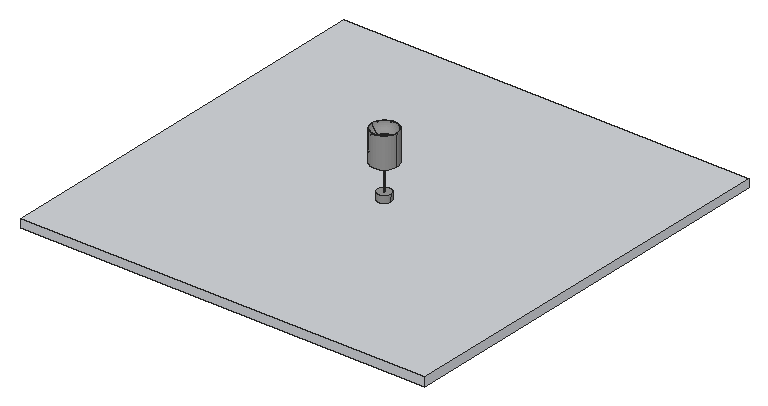
Revit family "LAMP_KOMBIC 150 SURFACE 3500 CRI80 OPAL DALI", category Luminarias, Revit 2018
Family settings
  Anfitrión = Cara
  Cota de conector redondo = Diámetro de uso
  Tipo de pieza = Normal
  Corte con vacíos al cargar = No
  Origen de luz = Sí
  Compartido = No
  Punto de cálculo de habitación = No
Parameters (values of type "2673LM 3000K  M/B")
  Ángulo de inclinación = -90.00°
  Weight = 1.478 kg
  UGR = ""
  Type = "COB PHILIPS"
  Protection rating = "IP40"
  Product datasheet = "http://www.lamp.es/product-files/TECH/K21SF3540OP830DMB-EN.pdf"
  Product code = "K21SF3540OP830DMB"
  Product URL = "https://www.lamp.es/en/family/kombic-surface_474354"
  Power Supply = "220-240V 50/60Hz"
  Power = 25 W
  Plum = 28 W
  Modelo = Product code  # "K21SF3540OP830DMB"
  Model explanation = "Possibility of chossing between surface or suspended within the model"
  Material reflector = LAMP_PC Reflector Kombic Metalizado Mate
  Material floron = LAMP_Plástico genérico NG
  Material difusor = LAMP_PMMA Difusor Kombic
  Material cuerpo = LAMP_Plástico genérico NG
  Material cable suspension = LAMP_Acero genérico
  Manufacturer name = "LAMP"
  Manufacturer country = "Spain"
  Manufacturer URL = "http://www.lamp.es/en"
  MacAdam = "3"
  Luminaire type = "Suspended"
  Last update = "02/09/2021"
  Lamp = "COB LED"
  LED Lifetime = "50.000 L80 B10"
  Insulation class = "II"
  Installation instructions = "https://www.lamp.es/product-files/packed/by-family/474354_INS_all.zip"
  IEE = "A+"
  Height suspension [instance] = 200 mm
  Height distance [instance] = if(Surface, 0.1 mm, if(Ceiling rose, if(Height suspension > 38 mm, if(Height suspension < 2000 mm, Height suspension, 2000 mm), 38 mm), 37 mm))  # 200 mm
  Wattage = 28 W
  built-in parameter 1150107 = 3000 (stored number, unit not read)
  Surface [instance] = no
  built-in parameter 1150110 = 1 (stored number, unit not read)
  built-in parameter 1150109 = 1 (stored number, unit not read)
  built-in parameter 1150112 = 1 (stored number, unit not read)
  built-in parameter 1150113 = 1 (stored number, unit not read)
  built-in parameter 1114218 = 1 (stored number, unit not read)
  built-in parameter 1150137 = (empty or 0)
  built-in parameter 1150132 = 2
  built-in parameter 1150105 = 2646.9 (stored number, unit not read)
  built-in parameter 1150102 = (empty or 0)
  built-in parameter 1150106 = 26.469 (stored number, unit not read)
  Height = 180 mm
  Gear = "Adjustable DALI"
  Lumens = 2674 lm
  Finish = "Matte black RAL 9011"
  Color Filter = 16777215
  built-in parameter 1114217 = 1 (stored number, unit not read)
  built-in parameter 1150139 = (empty or 0)
  Fabricante = Manufacturer name  # "LAMP"
  Default Elevation = 1219.2 mm
  built-in parameter 1150104 = 8.8722 (stored number, unit not read)
  Efficacy = 95.5 lm/W
  Diameter = 150 mm
  built-in parameter 1150115 = 1 (stored number, unit not read)
  built-in parameter 1150114 = 1 (stored number, unit not read)
  built-in parameter 1150138 = (empty or 0)
  built-in parameter 1150134 = (empty or 0)
  Ceiling rose [instance] = not(Surface)  # yes
  Dimming Lamp Color Temperature Shift = (empty or 0)
  CRI = "80"
  Archivo de red fotométrica = "K21SF3540OP830NMB.IES"
  built-in parameter 1150133 = 10 (stored number, unit not read)
Types (12, lengths in mm): name | Product datasheet | Product code | Modelo | Material reflector | Material floron | Material cuerpo | Wattage | built-in parameter 1150107 | built-in parameter 1150105 | built-in parameter 1150106 | Lumens | Finish | built-in parameter 1150104 | Efficacy | built-in parameter 1150134 | Archivo de red fotométrica
  2673LM 3000K  M/B | "http://www.lamp.es/product-files/TECH/K21SF3540OP830DMB-EN.pdf" | "K21SF3540OP830DMB" | "K21SF3540OP830DMB" | LAMP_PC Reflector Kombic Metalizado Mate | LAMP_Plástico genérico NG | LAMP_Plástico genérico NG | 28 W | 3000 (stored number, unit not read) | 2646.9 (stored number, unit not read) | 26.469 (stored number, unit not read) | 2674 lm | "Matte black RAL 9011" | 8.8722 (stored number, unit not read) | 95.5 lm/W | (empty or 0) | "K21SF3540OP830NMB.IES"
  2673LM 3000K  M/W | "http://www.lamp.es/product-files/TECH/K21SF3540OP830DMW-EN.pdf" | "K21SF3540OP830DMW" | "K21SF3540OP830DMW" | LAMP_PC Reflector Kombic Metalizado Mate | LAMP_Plástico genérico BL | LAMP_Plástico genérico BL | 28 W | 3000 (stored number, unit not read) | 2646.9 (stored number, unit not read) | 26.469 (stored number, unit not read) | 2674 lm | "Matte white RAL 9010" | 8.8722 (stored number, unit not read) | 95.5 lm/W | (empty or 0) | "K21SF3540OP830NMW.IES"
  2759LM 3000K  W/B | "http://www.lamp.es/product-files/TECH/K21SF3540OP830DWB-EN.pdf" | "K21SF3540OP830DWB" | "K21SF3540OP830DWB" | LAMP_PC Reflector Kombic Blanco | LAMP_Plástico genérico NG | LAMP_Plástico genérico NG | 28 W | 3000 (stored number, unit not read) | 2730.1 (stored number, unit not read) | 27.301 (stored number, unit not read) | 2758 lm | "Matte black RAL 9011" | 9.1509 (stored number, unit not read) | 98.5 lm/W | (empty or 0) | "K21SF3540OP830NWB.IES"
  2759LM 3000K  W/W | "http://www.lamp.es/product-files/TECH/K21SF3540OP830DWW-EN.pdf" | "K21SF3540OP830DWW" | "K21SF3540OP830DWW" | LAMP_PC Reflector Kombic Blanco | LAMP_Plástico genérico BL | LAMP_Plástico genérico BL | 28 W | 3000 (stored number, unit not read) | 2730.1 (stored number, unit not read) | 27.301 (stored number, unit not read) | 2758 lm | "Matte white RAL 9010" | 9.1509 (stored number, unit not read) | 98.5 lm/W | (empty or 0) | "K21SF3540OP830NWW.IES"
  2784LM 4000K  M/B | "http://www.lamp.es/product-files/TECH/K21SF3540OP840DMB-EN.pdf" | "K21SF3540OP840DMB" | "K21SF3540OP840DMB" | LAMP_PC Reflector Kombic Metalizado Mate | LAMP_Plástico genérico NG | LAMP_Plástico genérico NG | 28 W | 4000 (stored number, unit not read) | 2755 (stored number, unit not read) | 27.55 (stored number, unit not read) | 2783.2 lm | "Matte black RAL 9011" | 9.2346 (stored number, unit not read) | 99.4 lm/W | 12 | "K21SF3540OP840NMB.IES"
  2784LM 4000K  M/W | "http://www.lamp.es/product-files/TECH/K21SF3540OP840DMW-EN.pdf" | "K21SF3540OP840DMW" | "K21SF3540OP840DMW" | LAMP_PC Reflector Kombic Metalizado Mate | LAMP_Plástico genérico BL | LAMP_Plástico genérico BL | 28 W | 4000 (stored number, unit not read) | 2755 (stored number, unit not read) | 27.55 (stored number, unit not read) | 2783.2 lm | "Matte white RAL 9010" | 9.2346 (stored number, unit not read) | 99.4 lm/W | 12 | "K21SF3540OP840NMW.IES"
  2788LM 3000K  BR/B | "http://www.lamp.es/product-files/TECH/K21SF3540OP830DRB-EN.pdf" | "K21SF3540OP830DRB" | "K21SF3540OP830DRB" | LAMP_PC Reflector Kombic Metalizado Brillante | LAMP_Plástico genérico NG | LAMP_Plástico genérico NG | 98 W | 3000 (stored number, unit not read) | 9662 (stored number, unit not read) | 96.62 (stored number, unit not read) | 9760.8 lm | "Matte black RAL 9011" | 9.2531 (stored number, unit not read) | 99.6 lm/W | (empty or 0) | "K21SF3540OP830NRB.IES"
  2788LM 3000K  BR/W | "http://www.lamp.es/product-files/TECH/K21SF3540OP830DRW-EN.pdf" | "K21SF3540OP830DRW" | "K21SF3540OP830DRW" | LAMP_PC Reflector Kombic Metalizado Brillante | LAMP_Plástico genérico BL | LAMP_Plástico genérico BL | 28 W | 3000 (stored number, unit not read) | 2760.6 (stored number, unit not read) | 27.606 (stored number, unit not read) | 2788.8 lm | "Matte white RAL 9010" | 9.2531 (stored number, unit not read) | 99.6 lm/W | (empty or 0) | "K21SF3540OP830NRW.IES"
  2874LM 4000K  W/B | "http://www.lamp.es/product-files/TECH/K21SF3540OP840DWB-EN.pdf" | "K21SF3540OP840DWB" | "K21SF3540OP840DWB" | LAMP_PC Reflector Kombic Blanco | LAMP_Plástico genérico NG | LAMP_Plástico genérico NG | 28 W | 4000 (stored number, unit not read) | 2843.7 (stored number, unit not read) | 28.437 (stored number, unit not read) | 2872.8 lm | "Matte black RAL 9011" | 9.5319 (stored number, unit not read) | 102.6 lm/W | 12 | "K21SF3540OP840NWB.IES"
  2874LM 4000K  W/W | "http://www.lamp.es/product-files/TECH/K21SF3540OP840DWW-EN.pdf" | "K21SF3540OP840DWW" | "K21SF3540OP840DWW" | LAMP_PC Reflector Kombic Blanco | LAMP_Plástico genérico BL | LAMP_Plástico genérico BL | 28 W | 4000 (stored number, unit not read) | 2843.7 (stored number, unit not read) | 28.437 (stored number, unit not read) | 2872.8 lm | "Matte white RAL 9010" | 9.5319 (stored number, unit not read) | 102.6 lm/W | 12 | "K21SF3540OP840NWW.IES"
  2904LM 4000K  BR/B | "http://www.lamp.es/product-files/TECH/K21SF3540OP840DRB-EN.pdf" | "K21SF3540OP840DRB" | "K21SF3540OP840DRB" | LAMP_PC Reflector Kombic Metalizado Brillante | LAMP_Plástico genérico NG | LAMP_Plástico genérico NG | 28 W | 4000 (stored number, unit not read) | 2874.2 (stored number, unit not read) | 28.742 (stored number, unit not read) | 2903.6 lm | "Matte black RAL 9011" | 9.634 (stored number, unit not read) | 103.7 lm/W | 12 | "K21SF3540OP840NRB.IES"
  2904LM 4000K  BR/W | "http://www.lamp.es/product-files/TECH/K21SF3540OP840DRW-EN.pdf" | "K21SF3540OP840DRW" | "K21SF3540OP840DRW" | LAMP_PC Reflector Kombic Metalizado Brillante | LAMP_Plástico genérico BL | LAMP_Plástico genérico BL | 28 W | 4000 (stored number, unit not read) | 2874.2 (stored number, unit not read) | 28.742 (stored number, unit not read) | 2903.6 lm | "Matte white RAL 9010" | 9.634 (stored number, unit not read) | 103.7 lm/W | 12 | "K21SF3540OP840NRW.IES"
Reference planes
  plane 1 "Centro (Frontal/Posterior)": y = 0
  plane 2: z = 0
  plane 3 "Centro (Izquierda/Derecha)": x = 0
Forms (mm)
  Extrusion 1, solid
    sketch origin (0, 0, 0) x (1, 0, 0) y (0, 1, 0)
      loop
        line (-1219.2, 1219.2) -> (-1219.2, -1219.2) -> (1219.2, -1219.2) -> (1219.2, 1219.2) -> (-1219.2, 1219.2)
    from 0 to -50
  Extrusion 2, solid, material "LAMP_Plástico genérico NG" <- "Material cuerpo"
    sketch origin (0, 0, 0) x (1, 0, 0) y (0, 1, 0)
      loop
        circle (0, 0) r 77.5
    from 200 to 380
  Extrusion 3, void
    sketch origin (0, 0, 0) x (1, 0, 0) y (0, 1, 0)
      loop
        circle (0, 0) r 76.5
    from 270.588 to 380
  Sweep 4, solid, material "LAMP_PC Reflector Kombic Metalizado Mate" <- "Material reflector"
    path origin (105.103, -251.845, 380) x (1, 0, 0) y (0, 1, 0)
      loop
        circle (-105.103, 251.959) r 48
    profile origin (0, 48.114, 380) x (0, -1, 0) y (0, 0, 1)
      loop
        arc (-28.386, 0) -> (-15.5, -31.664) -> (14.364, -48.3) r 51.542
        line (14.364, -48.3) -> (14.364, -47.3)
        arc (14.364, -47.3) -> (-14.949, -31.098) -> (-27.386, 0) r 49.836
        line (-27.386, 0) -> (-28.386, 0)
  Extrusion 5, solid, material "LAMP_PMMA Difusor Kombic" <- "Material difusor"
    sketch origin (0, 0, 0) x (1, 0, 0) y (0, 1, 0)
      loop
        circle (0, 0) r 33.636
    from 331.7 to 332.7
  Extrusion 6, solid, material "LAMP_Plástico genérico NG" <- "Material floron", visible <- "Ceiling rose"
    sketch origin (0, 0, 0) x (1, 0, 0) y (0, 1, 0)
      loop
        circle (0, 0) r 42
    from 0 to 37
  Extrusion 7, solid, material "LAMP_Acero genérico" <- "Material cable suspension", visible <- "Ceiling rose"
    sketch origin (0, 0, 0) x (1, 0, 0) y (0, 1, 0)
      loop
        circle (0, 0) r 1
    from 37 to 200
Cuts and joins
  Extrusion 3 cuts Extrusion 2
Text (mm)
  text "Any modification of the parameters and properties of the LAMP BIM models must be executed and validated by the LAMP technical department.\nPhone: +34 93 736 68 00\nE-mail: lamp@lamp.es\n\nLAMP reserves the right to modify the technical specifications of its products." at (1856.491, -4316.333, -2622.127), in view "Preview"
Dimensions and locks
  "Height distance": Extrusion 2 to Extrusion 1
  locked: Extrusion 2 to Extrusion 2 at 180
  locked: cut or joined group of Extrusion 2, Extrusion 3 to cut or joined group of Extrusion 2, Extrusion 3 at 109.412
  aligned and locked: plane 2 to Extrusion 1
  aligned and locked: level to Extrusion 1
  aligned and locked: Extrusion 2 to Extrusion 3
  aligned and locked: Extrusion 7 to Extrusion 6
  aligned and locked: Extrusion 7 to cut or joined group of Extrusion 2, Extrusion 3
  aligned and locked: imposter light to cut or joined group of Extrusion 2, Extrusion 3
  aligned and locked: Extrusion 5 to Sweep 4  (x2)
Automatic sketch dimensions
  Extrusion 1 sketch curve to Extrusion 1 sketch curve = 2438.4 mm  (x2)
  plane 1 "Centro (Frontal/Posterior)" to Extrusion 2 sketch curve = 0 mm
  Extrusion 2 sketch curve to plane 3 "Centro (Izquierda/Derecha)" = 0 mm
  plane 1 "Centro (Frontal/Posterior)" to Extrusion 3 sketch curve = 0 mm
  Extrusion 3 sketch curve to plane 3 "Centro (Izquierda/Derecha)" = 0 mm
  plane 1 "Centro (Frontal/Posterior)" to Extrusion 6 sketch curve = 0 mm
  Extrusion 6 sketch curve to plane 3 "Centro (Izquierda/Derecha)" = 0 mm
  plane 1 "Centro (Frontal/Posterior)" to Extrusion 7 sketch curve = 0 mm
  Extrusion 7 sketch curve to plane 3 "Centro (Izquierda/Derecha)" = 0 mm
  Sweep 4 sketch curve to profile plane = 0 mm
  profile plane to Sweep 4 sketch curve = 28.386 mm
  profile plane to Sweep 4 sketch curve = 1.881 mm
  Sweep 4 sketch curve to profile plane = 22.414 mm
  Sweep 4 sketch curve to Sweep 4 sketch curve = 0.681 mm
  Sweep 4 sketch curve to Sweep 4 sketch curve = 1 mm  (x2)
  Sweep 4 sketch curve to profile plane = 14.364 mm
  plane 1 "Centro (Frontal/Posterior)" to Extrusion 5 sketch curve = 0 mm
  Extrusion 5 sketch curve to plane 3 "Centro (Izquierda/Derecha)" = 0 mm
  radius of Extrusion 2 sketch curve = 77.5 mm
  radius of Extrusion 3 sketch curve = 76.5 mm
  radius of Sweep 4 sketch curve = 48 mm
  radius of Extrusion 6 sketch curve = 42 mm
  radius of Extrusion 7 sketch curve = 1 mm
  radius of Extrusion 5 sketch curve = 33.636 mm
Connectors
  electrical at (0, 0, 200)
    settings: on cut or joined group of Extrusion 2, Extrusion 3, index 1, voltage 230 V, apparent load 0 VA, apparent load phase1 0 VA, apparent load phase2 0 VA, apparent load phase3 0 VA, power factor 1, load classification "Otro", number of poles 1, system type 31, power factor state 1, is connector primary yes, connector utility no, sub classification motor no, connector description ""
